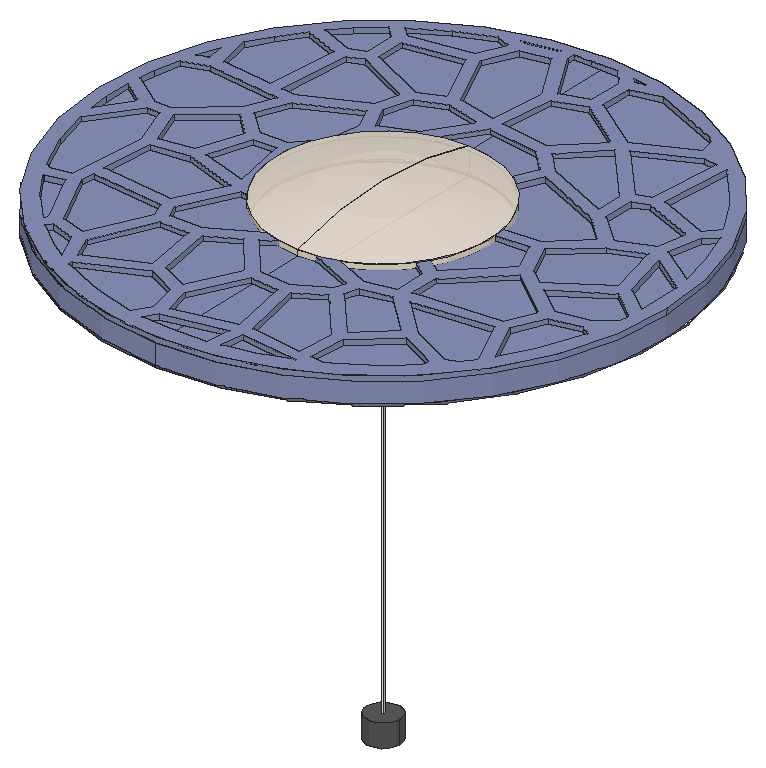
Revit family "Haworth_BuzziMoon_Light", category Lighting Fixtures, host Face, Revit 2018 (continued)
Definition of nested family "Haworth_BuzziMoon_Pendant_Medium_PART"
  Automatic sketch dimensions
    plane 10 "Cable Back" to Extrusion 3 sketch curve = 2.15778"
    Extrusion 3 sketch curve to Extrusion 3 sketch curve = 0.47775"
    Extrusion 3 sketch curve to plane 8 "Inside Back" = 1.86474"
    Extrusion 3 sketch curve to Extrusion 3 sketch curve = 0.60864"
    plane 1 "Center (Front/Back)" to Extrusion 3 sketch curve = 2.72109"
    Extrusion 3 sketch curve to Extrusion 3 sketch curve = 0.9983"
    Extrusion 3 sketch curve to plane 8 "Inside Back" = 2.72587"
    Extrusion 3 sketch curve to Extrusion 3 sketch curve = 0.47928"
    plane 10 "Cable Back" to Extrusion 3 sketch curve = 2.4782"
    Extrusion 3 sketch curve to Extrusion 3 sketch curve = 0.76837"
    Extrusion 3 sketch curve to plane 1 "Center (Front/Back)" = 0.99369"
    Extrusion 3 sketch curve to Extrusion 3 sketch curve = 1.81272"
    plane 10 "Cable Back" to Extrusion 3 sketch curve = 3.32275"
    Extrusion 3 sketch curve to Extrusion 3 sketch curve = 0.51878"
    Extrusion 3 sketch curve to plane 4 "Front" = 5.19909"
    Extrusion 3 sketch curve to Extrusion 3 sketch curve = 4.39496"
    Extrusion 3 sketch curve to plane 1 "Center (Front/Back)" = 1.63987"
    Extrusion 3 sketch curve to Extrusion 3 sketch curve = 0.74746"
    Extrusion 3 sketch curve to plane 1 "Center (Front/Back)" = 0.66721"
    Extrusion 3 sketch curve to Extrusion 3 sketch curve = 0.92863"
    Extrusion 3 sketch curve to Extrusion 3 sketch curve = 0.79343"
    plane 9 "Inside Front" to Extrusion 3 sketch curve = 0.92295"
    Extrusion 3 sketch curve to Extrusion 3 sketch curve = 1.09097"
    Extrusion 3 sketch curve to plane 9 "Inside Front" = 0.04785"
    Extrusion 3 sketch curve to Extrusion 3 sketch curve = 0.05012"
    plane 9 "Inside Front" to Extrusion 3 sketch curve = 2.14089"
    Extrusion 3 sketch curve to Extrusion 3 sketch curve = 0.51073"
    plane 9 "Inside Front" to Extrusion 3 sketch curve = 0.49314"
    Extrusion 3 sketch curve to Extrusion 3 sketch curve = 0.87884"
    Extrusion 3 sketch curve to plane 1 "Center (Front/Back)" = 0.82139"
    Extrusion 3 sketch curve to Extrusion 3 sketch curve = 1.87171"
    Extrusion 3 sketch curve to plane 1 "Center (Front/Back)" = 1.82296"
    Extrusion 3 sketch curve to Extrusion 3 sketch curve = 0.16987"
    plane 9 "Inside Front" to Extrusion 3 sketch curve = 2.65677"
    Extrusion 3 sketch curve to Extrusion 3 sketch curve = 0.8467"
    plane 9 "Inside Front" to Extrusion 3 sketch curve = 1.67252"
    Extrusion 3 sketch curve to Extrusion 3 sketch curve = 0.85993"
    Extrusion 3 sketch curve to plane 9 "Inside Front" = 3.89335"
    Extrusion 3 sketch curve to Extrusion 3 sketch curve = 1.9714"
    plane 1 "Center (Front/Back)" to Extrusion 3 sketch curve = 3.9552"
    Extrusion 3 sketch curve to Extrusion 3 sketch curve = 0.06407"
    Extrusion 3 sketch curve to plane 1 "Center (Front/Back)" = 2.94458"
    Extrusion 3 sketch curve to Extrusion 3 sketch curve = 1.05143"
    plane 8 "Inside Back" to Extrusion 3 sketch curve = 0.48498"
    Extrusion 3 sketch curve to Extrusion 3 sketch curve = 4.77837"
    Extrusion 3 sketch curve to plane 8 "Inside Back" = 0.5179"
    Extrusion 3 sketch curve to Extrusion 3 sketch curve = 0.19104"
    Extrusion 3 sketch curve to plane 4 "Front" = 2.7306"
    Extrusion 3 sketch curve to Extrusion 3 sketch curve = 3.14261"
    Extrusion 3 sketch curve to plane 9 "Inside Front" = 3.66707"
    Extrusion 3 sketch curve to Extrusion 3 sketch curve = 0.99005"
    plane 10 "Cable Back" to Extrusion 3 sketch curve = 0.27749"
    Extrusion 3 sketch curve to Extrusion 3 sketch curve = 0.60019"
    Extrusion 3 sketch curve to Extrusion 3 sketch curve = 0.89161"
    plane 8 "Inside Back" to Extrusion 3 sketch curve = 0.18659"
    Extrusion 3 sketch curve to Extrusion 3 sketch curve = 0.93819"
    Extrusion 3 sketch curve to plane 9 "Inside Front" = 3.61182"
    Extrusion 3 sketch curve to plane 8 "Inside Back" = 2.39048"
    Extrusion 3 sketch curve to Extrusion 3 sketch curve = 0.35032"
    Extrusion 3 sketch curve to plane 5 "Back" = 2.38708"
    plane 10 "Cable Back" to Extrusion 3 sketch curve = 1.08616"
    Extrusion 3 sketch curve to Extrusion 3 sketch curve = 0.59643"
    Extrusion 3 sketch curve to Extrusion 3 sketch curve = 2.36905"
    Extrusion 3 sketch curve to Extrusion 3 sketch curve = 0.2811"
    Extrusion 3 sketch curve to plane 4 "Front" = 2.21326"
    Extrusion 3 sketch curve to Extrusion 3 sketch curve = 1.22334"
    plane 10 "Cable Back" to Extrusion 3 sketch curve = 0.18827"
    Extrusion 3 sketch curve to Extrusion 3 sketch curve = 0.40322"
    Extrusion 3 sketch curve to plane 8 "Inside Back" = 1.69158"
    Extrusion 3 sketch curve to Extrusion 3 sketch curve = 0.74996"
    Extrusion 3 sketch curve to Extrusion 3 sketch curve = 0.43991"
    Extrusion 3 sketch curve to plane 5 "Back" = 2.03631"
    Extrusion 3 sketch curve to Extrusion 3 sketch curve = 0.9223"
    plane 9 "Inside Front" to Extrusion 3 sketch curve = 2.41528"
    Extrusion 3 sketch curve to Extrusion 3 sketch curve = 0.95751"
    Extrusion 3 sketch curve to plane 4 "Front" = 2.67252"
    Extrusion 3 sketch curve to Extrusion 3 sketch curve = 0.54966"
    Extrusion 3 sketch curve to Extrusion 3 sketch curve = 0.43971"
    plane 10 "Cable Back" to Extrusion 3 sketch curve = 1.93362"
    Extrusion 3 sketch curve to Extrusion 3 sketch curve = 1.91858"
    plane 10 "Cable Back" to Extrusion 3 sketch curve = 1.1726"
    Extrusion 3 sketch curve to Extrusion 3 sketch curve = 0.71307"
    Extrusion 3 sketch curve to Extrusion 3 sketch curve = 0.28604"
    plane 9 "Inside Front" to Extrusion 3 sketch curve = 1.01748"
    Extrusion 3 sketch curve to Extrusion 3 sketch curve = 2.34744"
    Extrusion 3 sketch curve to plane 8 "Inside Back" = 0.56298"
    Extrusion 3 sketch curve to Extrusion 3 sketch curve = 2.70638"
    Extrusion 3 sketch curve to plane 4 "Front" = 1.52311"
    Extrusion 3 sketch curve to Extrusion 3 sketch curve = 2.53339"
    Extrusion 3 sketch curve to plane 4 "Front" = 1.23965"
    Extrusion 3 sketch curve to plane 9 "Inside Front" = 0.53368"
    Extrusion 3 sketch curve to Extrusion 3 sketch curve = 0.68121"
    Extrusion 3 sketch curve to Extrusion 3 sketch curve = 0.19689"
    plane 9 "Inside Front" to Extrusion 3 sketch curve = 0.50848"
    Extrusion 3 sketch curve to Extrusion 3 sketch curve = 0.85481"
    Extrusion 3 sketch curve to plane 8 "Inside Back" = 0.30596"
    Extrusion 3 sketch curve to Extrusion 3 sketch curve = 1.35456"
    Extrusion 3 sketch curve to Extrusion 3 sketch curve = 0.94454"
    Extrusion 3 sketch curve to Extrusion 3 sketch curve = 0.16216"
    Extrusion 3 sketch curve to plane 9 "Inside Front" = 0.16884"
    Extrusion 3 sketch curve to plane 5 "Back" = 1.03752"
    plane 10 "Cable Back" to Extrusion 3 sketch curve = 0.56131"
    Extrusion 3 sketch curve to plane 3 "Center (Left/Right)" = 1.40553"
    Extrusion 3 sketch curve to Extrusion 3 sketch curve = 0.38731"
    Extrusion 3 sketch curve to plane 3 "Center (Left/Right)" = 0.98041"
    Extrusion 3 sketch curve to plane 3 "Center (Left/Right)" = 0.5075"
    Extrusion 3 sketch curve to plane 3 "Center (Left/Right)" = 0.3492"
    Extrusion 3 sketch curve to plane 3 "Center (Left/Right)" = 0.29747"
    Extrusion 3 sketch curve to plane 3 "Center (Left/Right)" = 0.15247"
    Extrusion 3 sketch curve to plane 3 "Center (Left/Right)" = 0.10366"
    Extrusion 3 sketch curve to plane 3 "Center (Left/Right)" = 0.04603"
    plane 3 "Center (Left/Right)" to Extrusion 3 sketch curve = 0.22006"
    plane 3 "Center (Left/Right)" to Extrusion 3 sketch curve = 0.45398"
    Extrusion 3 sketch curve to plane 9 "Inside Front" = 0.10747"
    plane 3 "Center (Left/Right)" to Extrusion 3 sketch curve = 1.36439"
    plane 3 "Center (Left/Right)" to Extrusion 3 sketch curve = 2.22362"
    Extrusion 3 sketch curve to plane 5 "Back" = 1.13437"
    Extrusion 3 sketch curve to Extrusion 3 sketch curve = 2.1454"
    Extrusion 3 sketch curve to Extrusion 3 sketch curve = 0.27982"
    Extrusion 3 sketch curve to Extrusion 3 sketch curve = 0.54219"
    Extrusion 3 sketch curve to plane 9 "Inside Front" = 0.52206"
    Extrusion 3 sketch curve to plane 4 "Front" = 1.24613"
    plane 3 "Center (Left/Right)" to Extrusion 3 sketch curve = 3.11869"
    Extrusion 3 sketch curve to Extrusion 3 sketch curve = 0.95714"
    Extrusion 3 sketch curve to plane 5 "Back" = 1.36237"
    Extrusion 3 sketch curve to Extrusion 3 sketch curve = 0.83431"
    Extrusion 3 sketch curve to plane 10 "Cable Back" = 0.17369"
    plane 3 "Center (Left/Right)" to Extrusion 3 sketch curve = 3.92983"
    plane 10 "Cable Back" to Extrusion 3 sketch curve = 0.81097"
    Extrusion 3 sketch curve to Extrusion 3 sketch curve = 0.05922"
    Extrusion 3 sketch curve to plane 4 "Front" = 1.43575"
    Extrusion 3 sketch curve to Extrusion 3 sketch curve = 0.96582"
    Extrusion 3 sketch curve to plane 8 "Inside Back" = 1.42664"
    Extrusion 3 sketch curve to Extrusion 3 sketch curve = 0.88838"
    plane 10 "Cable Back" to Extrusion 3 sketch curve = 0.28343"
    Extrusion 3 sketch curve to Extrusion 3 sketch curve = 0.86714"
    plane 9 "Inside Front" to Extrusion 3 sketch curve = 2.42456"
    Extrusion 3 sketch curve to Extrusion 3 sketch curve = 2.41791"
    Extrusion 3 sketch curve to Extrusion 3 sketch curve = 0.30593"
    plane 9 "Inside Front" to Extrusion 3 sketch curve = 1.4583"
    Extrusion 3 sketch curve to Extrusion 3 sketch curve = 0.39853"
    plane 8 "Inside Back" to Extrusion 3 sketch curve = 0.32809"
    Extrusion 3 sketch curve to Extrusion 3 sketch curve = 0.79613"
    Extrusion 3 sketch curve to plane 8 "Inside Back" = 2.02056"
    plane 9 "Inside Front" to Extrusion 3 sketch curve = 2.6602"
    Extrusion 3 sketch curve to Extrusion 3 sketch curve = 0.66156"
    plane 9 "Inside Front" to Extrusion 3 sketch curve = 0.66814"
    Extrusion 3 sketch curve to Extrusion 3 sketch curve = 0.67805"
    plane 9 "Inside Front" to Extrusion 3 sketch curve = 1.60018"
    Extrusion 3 sketch curve to Extrusion 3 sketch curve = 0.32811"
    Extrusion 3 sketch curve to plane 8 "Inside Back" = 0.20373"
    Extrusion 3 sketch curve to Extrusion 3 sketch curve = 0.83953"
    plane 8 "Inside Back" to Extrusion 3 sketch curve = 0.84614"
    Extrusion 3 sketch curve to Extrusion 3 sketch curve = 0.86765"
    Extrusion 3 sketch curve to plane 9 "Inside Front" = 3.44449"
    Extrusion 3 sketch curve to Extrusion 3 sketch curve = 1.01215"
    Extrusion 3 sketch curve to Extrusion 3 sketch curve = 2.20238"
    Extrusion 3 sketch curve to plane 9 "Inside Front" = 4.25572"
    plane 10 "Cable Back" to Extrusion 3 sketch curve = 3.19338"
    Extrusion 3 sketch curve to Extrusion 3 sketch curve = 0.75407"
    Extrusion 3 sketch curve to Extrusion 3 sketch curve = 0.81404"
    plane 9 "Inside Front" to Extrusion 3 sketch curve = 0.06962"
    Extrusion 3 sketch curve to Extrusion 3 sketch curve = 2.34242"
    plane 10 "Cable Back" to Extrusion 3 sketch curve = 3.75098"
    Extrusion 3 sketch curve to Extrusion 3 sketch curve = 0.82137"
    plane 9 "Inside Front" to Extrusion 3 sketch curve = 0.99696"
    Extrusion 3 sketch curve to Extrusion 3 sketch curve = 0.34646"
    Extrusion 3 sketch curve to plane 1 "Center (Front/Back)" = 1.59228"
    Extrusion 3 sketch curve to Extrusion 3 sketch curve = 3.08447"
    Extrusion 3 sketch curve to plane 4 "Front" = 3.14535"
    Extrusion 3 sketch curve to plane 4 "Front" = 3.38854"
    Extrusion 3 sketch curve to Extrusion 3 sketch curve = 0.02171"
    Extrusion 3 sketch curve to plane 9 "Inside Front" = 3.45521"
    Extrusion 3 sketch curve to Extrusion 3 sketch curve = 0.43446"
    Extrusion 3 sketch curve to plane 1 "Center (Front/Back)" = 0.61482"
    Extrusion 3 sketch curve to plane 5 "Back" = 3.42788"
    Extrusion 3 sketch curve to plane 4 "Front" = 4.25362"
    Extrusion 3 sketch curve to Extrusion 3 sketch curve = 0.55151"
    Extrusion 3 sketch curve to Extrusion 3 sketch curve = 0.98425"
    plane 9 "Inside Front" to Extrusion 3 sketch curve = 0.81791"
    Extrusion 3 sketch curve to Extrusion 3 sketch curve = 0.58886"
    Extrusion 3 sketch curve to plane 5 "Back" = 4.0354"
    Extrusion 3 sketch curve to Extrusion 3 sketch curve = 0.99504"
    Extrusion 3 sketch curve to plane 1 "Center (Front/Back)" = 0.83495"
    Extrusion 3 sketch curve to Extrusion 3 sketch curve = 2.67236"
    Extrusion 3 sketch curve to plane 1 "Center (Front/Back)" = 1.83061"
    Extrusion 3 sketch curve to Extrusion 3 sketch curve = 0.09799"
    Extrusion 3 sketch curve to plane 8 "Inside Back" = 1.34116"
    Extrusion 3 sketch curve to Extrusion 3 sketch curve = 5.45456"
    Extrusion 3 sketch curve to Extrusion 3 sketch curve = 2.65806"
    Extrusion 3 sketch curve to plane 8 "Inside Back" = 2.4937"
    Extrusion 3 sketch curve to Extrusion 3 sketch curve = 0.22661"
    Extrusion 3 sketch curve to plane 1 "Center (Front/Back)" = 1.22844"
    Extrusion 3 sketch curve to Extrusion 3 sketch curve = 0.90247"
    Extrusion 3 sketch curve to plane 10 "Cable Back" = 0.63059"
    Extrusion 3 sketch curve to Extrusion 3 sketch curve = 0.62645"
    plane 1 "Center (Front/Back)" to Extrusion 3 sketch curve = 1.64712"
    Extrusion 3 sketch curve to Extrusion 3 sketch curve = 1.15257"
    Extrusion 3 sketch curve to Extrusion 3 sketch curve = 0.3578"
    Extrusion 3 sketch curve to Extrusion 3 sketch curve = 1.00322"
    plane 1 "Center (Front/Back)" to Extrusion 3 sketch curve = 2.4064"
    Extrusion 3 sketch curve to Extrusion 3 sketch curve = 0.63068"
    Extrusion 3 sketch curve to Extrusion 3 sketch curve = 0.56828"
    Extrusion 3 sketch curve to plane 10 "Cable Back" = 0.17406"
    Extrusion 3 sketch curve to Extrusion 3 sketch curve = 1.09476"
    plane 1 "Center (Front/Back)" to Extrusion 3 sketch curve = 1.44079"
    Extrusion 3 sketch curve to Extrusion 3 sketch curve = 0.98938"
    plane 10 "Cable Back" to Extrusion 3 sketch curve = 1.53056"
    Extrusion 3 sketch curve to plane 10 "Cable Back" = 1.04199"
    Extrusion 3 sketch curve to Extrusion 3 sketch curve = 0.47593"
    Extrusion 3 sketch curve to Extrusion 3 sketch curve = 2.26832"
    Extrusion 3 sketch curve to plane 10 "Cable Back" = 0.18077"
    Extrusion 3 sketch curve to Extrusion 3 sketch curve = 0.98757"
    plane 10 "Cable Back" to Extrusion 3 sketch curve = 0.48012"
    Extrusion 3 sketch curve to Extrusion 3 sketch curve = 0.05899"
    Extrusion 3 sketch curve to Extrusion 3 sketch curve = 1.28724"
    Extrusion 3 sketch curve to Extrusion 3 sketch curve = 0.83626"
    Extrusion 3 sketch curve to plane 10 "Cable Back" = 0.45387"
    Extrusion 3 sketch curve to Extrusion 3 sketch curve = 0.16599"
    Extrusion 3 sketch curve to Extrusion 3 sketch curve = 0.82594"
    plane 8 "Inside Back" to Extrusion 3 sketch curve = 0.43628"
    Extrusion 3 sketch curve to Extrusion 3 sketch curve = 0.85877"
    Extrusion 3 sketch curve to plane 9 "Inside Front" = 0.94288"
    Extrusion 3 sketch curve to plane 6 "Left" = 3.35073"
    plane 9 "Inside Front" to Extrusion 3 sketch curve = 0.04391"
    Extrusion 3 sketch curve to Extrusion 3 sketch curve = 0.03763"
    plane 9 "Inside Front" to Extrusion 3 sketch curve = 0.11647"
    Extrusion 3 sketch curve to Extrusion 3 sketch curve = 0.03368"
    Extrusion 3 sketch curve to plane 6 "Left" = 2.28297"
    Extrusion 3 sketch curve to plane 6 "Left" = 1.94637"
    Extrusion 3 sketch curve to Extrusion 3 sketch curve = 0.28827"
    Extrusion 3 sketch curve to Extrusion 3 sketch curve = 0.66365"
    Extrusion 3 sketch curve to plane 6 "Left" = 1.01981"
    Extrusion 3 sketch curve to plane 1 "Center (Front/Back)" = 0.04813"
    Extrusion 3 sketch curve to plane 6 "Left" = 0.98424"
    Extrusion 3 sketch curve to Extrusion 3 sketch curve = 0.71257"
    Extrusion 3 sketch curve to Extrusion 3 sketch curve = 0.99149"
    Extrusion 3 sketch curve to Extrusion 3 sketch curve = 0.82999"
    Extrusion 3 sketch curve to Extrusion 3 sketch curve = 0.88132"
    Extrusion 3 sketch curve to Extrusion 3 sketch curve = 2.53462"
    Extrusion 3 sketch curve to Extrusion 3 sketch curve = 0.14868"
    Extrusion 3 sketch curve to Extrusion 3 sketch curve = 0.23442"
    Extrusion 3 sketch curve to Extrusion 3 sketch curve = 0.44738"
    Extrusion 3 sketch curve to Extrusion 3 sketch curve = 0.1342"
    Extrusion 3 sketch curve to Extrusion 3 sketch curve = 0.73396"
    Extrusion 3 sketch curve to Extrusion 3 sketch curve = 0.542"
    Extrusion 3 sketch curve to Extrusion 3 sketch curve = 0.26254"
    Extrusion 3 sketch curve to Extrusion 3 sketch curve = 0.7389"
    Extrusion 3 sketch curve to plane 9 "Inside Front" = 0.10282"
    Extrusion 3 sketch curve to Extrusion 3 sketch curve = 0.89289"
    Extrusion 3 sketch curve to Extrusion 3 sketch curve = 0.05541"
    Extrusion 3 sketch curve to Extrusion 3 sketch curve = 2.35343"
    Extrusion 3 sketch curve to Extrusion 3 sketch curve = 0.73132"
    Extrusion 3 sketch curve to Extrusion 3 sketch curve = 2.65857"
    Extrusion 3 sketch curve to Extrusion 3 sketch curve = 0.36322"
    Extrusion 3 sketch curve to Extrusion 3 sketch curve = 0.94258"
    Extrusion 3 sketch curve to Extrusion 3 sketch curve = 0.65793"
    Extrusion 3 sketch curve to Extrusion 3 sketch curve = 0.97757"
    Extrusion 3 sketch curve to Extrusion 3 sketch curve = 0.63457"
    Extrusion 3 sketch curve to Extrusion 3 sketch curve = 1.75855"
    Extrusion 3 sketch curve to Extrusion 3 sketch curve = 0.78432"
    Extrusion 3 sketch curve to Extrusion 3 sketch curve = 0.17521"
    Extrusion 3 sketch curve to Extrusion 3 sketch curve = 1.09311"
    Extrusion 3 sketch curve to Extrusion 3 sketch curve = 0.42688"
    Extrusion 3 sketch curve to Extrusion 3 sketch curve = 0.99718"
    Extrusion 3 sketch curve to Extrusion 3 sketch curve = 0.64162"
    plane 8 "Inside Back" to Extrusion 3 sketch curve = 0.70222"
    plane 8 "Inside Back" to Extrusion 3 sketch curve = 0.84287"
    plane 10 "Cable Back" to Extrusion 3 sketch curve = 0.37122"
    Extrusion 3 sketch curve to Extrusion 3 sketch curve = 0.95359"
    Extrusion 3 sketch curve to Extrusion 3 sketch curve = 0.16223"
    Extrusion 3 sketch curve to Extrusion 3 sketch curve = 0.94627"
    Extrusion 3 sketch curve to Extrusion 3 sketch curve = 0.63883"
    Extrusion 3 sketch curve to Extrusion 3 sketch curve = 0.64117"
    Extrusion 3 sketch curve to Extrusion 3 sketch curve = 1.83258"
    Extrusion 3 sketch curve to Extrusion 3 sketch curve = 0.25713"
    Extrusion 3 sketch curve to Extrusion 3 sketch curve = 0.85572"
    Extrusion 3 sketch curve to Extrusion 3 sketch curve = 0.95988"
    plane 1 "Center (Front/Back)" to Extrusion 3 sketch curve = 1.21223"
    Extrusion 3 sketch curve to Extrusion 3 sketch curve = 1.03782"
    Extrusion 3 sketch curve to plane 9 "Inside Front" = 0.30641"
    Extrusion 3 sketch curve to Extrusion 3 sketch curve = 0.32904"
    Extrusion 3 sketch curve to Extrusion 3 sketch curve = 0.24106"
    Extrusion 3 sketch curve to Extrusion 3 sketch curve = 0.04105"
    Extrusion 4 sketch curve to Extrusion 4 sketch curve = 0.000"  (x9)
    Extrusion 4 sketch curve to plane 6 "Left" = 19.70289"
    Extrusion 4 sketch curve to Extrusion 4 sketch curve = 0.01789"
    Extrusion 4 sketch curve to plane 4 "Front" = 19.68632"
    Extrusion 5 sketch curve to Extrusion 5 sketch curve = 0.000"  (x38)
    Extrusion 5 sketch curve to plane 8 "Inside Back" = 1.05274"
    Extrusion 5 sketch curve to plane 7 "Right" = 1.62197"
    Extrusion 5 sketch curve to Extrusion 5 sketch curve = 0.19917"
    plane 9 "Inside Front" to Extrusion 5 sketch curve = 1.89205"
    Extrusion 5 sketch curve to Extrusion 5 sketch curve = 1.37439"
    Extrusion 5 sketch curve to Extrusion 5 sketch curve = 0.20294"
    Extrusion 5 sketch curve to Extrusion 5 sketch curve = 1.35686"
    Extrusion 5 sketch curve to Extrusion 5 sketch curve = 0.21065"
    Extrusion 5 sketch curve to Extrusion 5 sketch curve = 1.40881"
    Extrusion 5 sketch curve to Extrusion 5 sketch curve = 0.23428"
    Extrusion 5 sketch curve to Extrusion 5 sketch curve = 1.2733"
    Extrusion 5 sketch curve to Extrusion 5 sketch curve = 0.30264"
    Extrusion 5 sketch curve to Extrusion 5 sketch curve = 1.24615"  (x24)
    Extrusion 5 sketch curve to Extrusion 5 sketch curve = 0.32793"  (x30)
    plane 1 "Center (Front/Back)" to Extrusion 5 sketch curve = 1.70462"
    Extrusion 5 sketch curve to plane 3 "Center (Left/Right)" = 8.67976"
    Extrusion 5 sketch curve to plane 1 "Center (Front/Back)" = 1.78281"
    Extrusion 5 sketch curve to plane 4 "Front" = 0.79154"
    Extrusion 5 sketch curve to plane 5 "Back" = 0.41001"
    Extrusion 5 sketch curve to plane 4 "Front" = 0.14405"
    Extrusion 5 sketch curve to plane 8 "Inside Back" = 0.35215"
    Extrusion 5 sketch curve to plane 5 "Back" = 0.11685"
    Extrusion 5 sketch curve to plane 5 "Back" = 0.04264"
    Extrusion 5 sketch curve to Extrusion 5 sketch curve = 0.91822"
    Extrusion 5 sketch curve to plane 4 "Front" = 0.01637"
    Extrusion 5 sketch curve to plane 3 "Center (Left/Right)" = 0.80933"
    Extrusion 5 sketch curve to plane 5 "Back" = 0.02659"
    Extrusion 5 sketch curve to plane 3 "Center (Left/Right)" = 0.51997"
    Extrusion 5 sketch curve to plane 9 "Inside Front" = 0.01032"
    plane 1 "Center (Front/Back)" to Extrusion 5 sketch curve = 0.00798"
    Extrusion 5 sketch curve to plane 3 "Center (Left/Right)" = 0.04567"
    Extrusion 5 sketch curve to plane 3 "Center (Left/Right)" = 0.02655"
    Extrusion 5 sketch curve to Extrusion 5 sketch curve = 0.00474"  (x2)
    plane 1 "Center (Front/Back)" to Extrusion 5 sketch curve = 0.00049"
    Extrusion 5 sketch curve to Extrusion 5 sketch curve = 0.00203"
    Extrusion 5 sketch curve to Extrusion 5 sketch curve = 0.00285"
    Extrusion 5 sketch curve to Extrusion 5 sketch curve = 0.00114"
    Extrusion 5 sketch curve to Extrusion 5 sketch curve = 0.00219"
    Extrusion 5 sketch curve to Extrusion 5 sketch curve = 0.00123"
    Extrusion 5 sketch curve to Extrusion 5 sketch curve = 0.00117"
    Extrusion 5 sketch curve to Extrusion 5 sketch curve = 0.00099"
    Extrusion 5 sketch curve to Extrusion 5 sketch curve = 0.00071"
    Extrusion 5 sketch curve to Extrusion 5 sketch curve = 0.00064"
    Extrusion 5 sketch curve to Extrusion 5 sketch curve = 0.00089"
    Extrusion 5 sketch curve to Extrusion 5 sketch curve = 0.0008"
    Extrusion 5 sketch curve to Extrusion 5 sketch curve = 0.00081"
    Extrusion 5 sketch curve to Extrusion 5 sketch curve = 0.0006"  (x2)
    Extrusion 5 sketch curve to Extrusion 5 sketch curve = 0.00008"  (x4)
    Extrusion 5 sketch curve to Extrusion 5 sketch curve = 0.00046"
    Extrusion 5 sketch curve to Extrusion 5 sketch curve = 0.00051"
    Extrusion 5 sketch curve to Extrusion 5 sketch curve = 0.00045"
    Extrusion 5 sketch curve to Extrusion 5 sketch curve = 0.00042"  (x2)
    Extrusion 5 sketch curve to Extrusion 5 sketch curve = 0.0022"
    Extrusion 5 sketch curve to Extrusion 5 sketch curve = 0.00034"
    Extrusion 5 sketch curve to Extrusion 5 sketch curve = 0.00029"
    Extrusion 5 sketch curve to Extrusion 5 sketch curve = 0.00017"
    Extrusion 5 sketch curve to Extrusion 5 sketch curve = 0.00004"  (x3)
    Extrusion 5 sketch curve to Extrusion 5 sketch curve = 0.00002"  (x3)
    Extrusion 5 sketch curve to Extrusion 5 sketch curve = 0.00001"  (x2)
    Extrusion 5 sketch curve to Extrusion 5 sketch curve = 0.00026"
    Extrusion 5 sketch curve to Extrusion 5 sketch curve = 0.00005"  (x2)
    Extrusion 5 sketch curve to Extrusion 5 sketch curve = 0.00007"
    Extrusion 5 sketch curve to Extrusion 5 sketch curve = 0.0002"
    Extrusion 5 sketch curve to Extrusion 5 sketch curve = 0.00014"
    Extrusion 5 sketch curve to Extrusion 5 sketch curve = 0.00019"
    Extrusion 5 sketch curve to Extrusion 5 sketch curve = 0.00027"
    Extrusion 5 sketch curve to Extrusion 5 sketch curve = 0.00083"
    Extrusion 5 sketch curve to Extrusion 5 sketch curve = 0.00188"
    Extrusion 5 sketch curve to plane 3 "Center (Left/Right)" = 0.00062"
    plane 3 "Center (Left/Right)" to Extrusion 5 sketch curve = 0.00022"
    plane 3 "Center (Left/Right)" to Extrusion 5 sketch curve = 0.02251"
    plane 3 "Center (Left/Right)" to Extrusion 5 sketch curve = 0.02345"
    Extrusion 5 sketch curve to Extrusion 5 sketch curve = 0.01612"
    plane 3 "Center (Left/Right)" to Extrusion 5 sketch curve = 0.47943"
    Extrusion 5 sketch curve to plane 4 "Front" = 0.01514"
    plane 3 "Center (Left/Right)" to Extrusion 5 sketch curve = 0.76475"  (x2)
    Extrusion 5 sketch curve to plane 5 "Back" = 0.02572"
    Extrusion 5 sketch curve to plane 4 "Front" = 0.03075"
    Extrusion 5 sketch curve to plane 8 "Inside Back" = 0.09261"
    Extrusion 5 sketch curve to plane 4 "Front" = 0.14032"
    Extrusion 5 sketch curve to plane 5 "Back" = 0.15119"
    Extrusion 5 sketch curve to plane 5 "Back" = 0.19341"
    Extrusion 5 sketch curve to plane 4 "Front" = 0.39439"
    Extrusion 5 sketch curve to plane 4 "Front" = 0.78253"
    plane 1 "Center (Front/Back)" to Extrusion 5 sketch curve = 1.96438"
    Extrusion 5 sketch curve to plane 10 "Cable Back" = 0.41126"
    Extrusion 5 sketch curve to plane 8 "Inside Back" = 1.11183"
    Extrusion 5 sketch curve to plane 6 "Left" = 1.60531"
    Extrusion 5 sketch curve to Extrusion 5 sketch curve = 0.01065"
    Extrusion 5 sketch curve to Extrusion 5 sketch curve = 0.03711"
    Extrusion 5 sketch curve to Extrusion 5 sketch curve = 0.04217"
    Extrusion 5 sketch curve to Extrusion 5 sketch curve = 0.19232"
    Extrusion 5 sketch curve to Extrusion 5 sketch curve = 0.06432"
    Extrusion 5 sketch curve to Extrusion 5 sketch curve = 0.06958"
    Extrusion 5 sketch curve to Extrusion 5 sketch curve = 0.09286"
    Extrusion 5 sketch curve to Extrusion 5 sketch curve = 0.09846"
    Extrusion 5 sketch curve to Extrusion 5 sketch curve = 0.41012"
    Extrusion 5 sketch curve to Extrusion 5 sketch curve = 0.43227"
    Extrusion 5 sketch curve to Extrusion 5 sketch curve = 0.1235"
    Extrusion 5 sketch curve to Extrusion 5 sketch curve = 0.12961"
    Extrusion 5 sketch curve to Extrusion 5 sketch curve = 0.53201"
    Extrusion 5 sketch curve to Extrusion 5 sketch curve = 0.55653"
    Extrusion 5 sketch curve to Extrusion 5 sketch curve = 0.15726"
    Extrusion 5 sketch curve to Extrusion 5 sketch curve = 0.16412"
    Extrusion 5 sketch curve to Extrusion 5 sketch curve = 0.66826"
    Extrusion 5 sketch curve to Extrusion 5 sketch curve = 0.69644"
    Extrusion 5 sketch curve to Extrusion 5 sketch curve = 0.19554"
    Extrusion 5 sketch curve to Extrusion 5 sketch curve = 0.20365"  (x2)
    Extrusion 5 sketch curve to Extrusion 5 sketch curve = 0.82554"
    Extrusion 5 sketch curve to Extrusion 5 sketch curve = 0.8599"
    Extrusion 5 sketch curve to Extrusion 5 sketch curve = 0.22187"
    Extrusion 5 sketch curve to Extrusion 5 sketch curve = 0.25084"
    Extrusion 5 sketch curve to Extrusion 5 sketch curve = 0.2259"
    Extrusion 5 sketch curve to Extrusion 5 sketch curve = 1.06045"
    Extrusion 5 sketch curve to Extrusion 5 sketch curve = 0.31052"
    Extrusion 5 sketch curve to Extrusion 5 sketch curve = 1.44356"
    Extrusion 5 sketch curve to Extrusion 5 sketch curve = 0.2191"
    Extrusion 5 sketch curve to Extrusion 5 sketch curve = 1.32438"
    Extrusion 5 sketch curve to Extrusion 5 sketch curve = 0.39271"
    Extrusion 5 sketch curve to Extrusion 5 sketch curve = 0.29571"
    Extrusion 5 sketch curve to Extrusion 5 sketch curve = 1.71305"
    Extrusion 5 sketch curve to Extrusion 5 sketch curve = 0.5238"
    Extrusion 5 sketch curve to plane 9 "Inside Front" = 0.02761"
    Extrusion 5 sketch curve to Extrusion 5 sketch curve = 0.02062"
    Extrusion 5 sketch curve to plane 9 "Inside Front" = 0.07474"
    Extrusion 5 sketch curve to Extrusion 5 sketch curve = 0.22312"
    Extrusion 5 sketch curve to Extrusion 5 sketch curve = 0.24707"
    Extrusion 5 sketch curve to plane 9 "Inside Front" = 0.33428"
    Extrusion 5 sketch curve to Extrusion 5 sketch curve = 0.09677"
    Extrusion 5 sketch curve to Extrusion 5 sketch curve = 0.4123"
    Extrusion 5 sketch curve to Extrusion 5 sketch curve = 0.15577"
    Extrusion 5 sketch curve to Extrusion 5 sketch curve = 0.17038"  (x2)
    Extrusion 5 sketch curve to Extrusion 5 sketch curve = 0.8148"  (x2)
    Extrusion 5 sketch curve to Extrusion 5 sketch curve = 0.25055"  (x2)
    Extrusion 5 sketch curve to Extrusion 5 sketch curve = 0.27251"  (x2)
    Extrusion 5 sketch curve to Extrusion 5 sketch curve = 0.41593"  (x2)
    Extrusion 5 sketch curve to Extrusion 5 sketch curve = 0.44565"
    Extrusion 5 sketch curve to Extrusion 5 sketch curve = 0.01906"
    Extrusion 5 sketch curve to Extrusion 5 sketch curve = 0.00974"
    Extrusion 5 sketch curve to Extrusion 5 sketch curve = 0.00179"
    Extrusion 5 sketch curve to Extrusion 5 sketch curve = 0.00145"
    Extrusion 5 sketch curve to Extrusion 5 sketch curve = 0.00109"
    Extrusion 5 sketch curve to Extrusion 5 sketch curve = 0.00078"
    Extrusion 5 sketch curve to Extrusion 5 sketch curve = 0.00052"
    Extrusion 5 sketch curve to Extrusion 5 sketch curve = 0.0004"
    Extrusion 5 sketch curve to Extrusion 5 sketch curve = 0.00025"
    Extrusion 5 sketch curve to Extrusion 5 sketch curve = 0.00157"
    Extrusion 5 sketch curve to Extrusion 5 sketch curve = 0.00006"  (x2)
    Extrusion 5 sketch curve to Extrusion 5 sketch curve = 0.00011"
    Extrusion 5 sketch curve to Extrusion 5 sketch curve = 0.00012"
    Extrusion 5 sketch curve to Extrusion 5 sketch curve = 0.00033"
    Extrusion 5 sketch curve to Extrusion 5 sketch curve = 0.00013"  (x2)
    Extrusion 5 sketch curve to Extrusion 5 sketch curve = 0.00003"
    Extrusion 5 sketch curve to plane 1 "Center (Front/Back)" = 1.9435"
    Extrusion 5 sketch curve to Extrusion 5 sketch curve = 1.11699"
    Extrusion 5 sketch curve to Extrusion 5 sketch curve = 0.44865"
    Extrusion 5 sketch curve to Extrusion 5 sketch curve = 0.49204"
    Extrusion 5 sketch curve to plane 8 "Inside Back" = 0.26711"
    Extrusion 5 sketch curve to plane 8 "Inside Back" = 0.06201"
    Extrusion 5 sketch curve to plane 10 "Cable Back" = 0.04112"
    Extrusion 5 sketch curve to Extrusion 5 sketch curve = 0.39265"
    Extrusion 5 sketch curve to Extrusion 5 sketch curve = 0.24044"
    Extrusion 5 sketch curve to Extrusion 5 sketch curve = 0.31048"
    Extrusion 5 sketch curve to Extrusion 5 sketch curve = 0.21112"
    Extrusion 5 sketch curve to Extrusion 5 sketch curve = 0.25083"
    Extrusion 5 sketch curve to Extrusion 5 sketch curve = 0.22181"
    Extrusion 5 sketch curve to Extrusion 5 sketch curve = 0.1954"
    Extrusion 5 sketch curve to Extrusion 5 sketch curve = 0.16413"
    Extrusion 5 sketch curve to Extrusion 5 sketch curve = 0.15706"
    Extrusion 5 sketch curve to Extrusion 5 sketch curve = 0.12963"
    Extrusion 5 sketch curve to Extrusion 5 sketch curve = 0.12333"
    Extrusion 5 sketch curve to Extrusion 5 sketch curve = 0.09849"
    Extrusion 5 sketch curve to Extrusion 5 sketch curve = 0.0642"
    Revolve 6 sketch curve to plane 12 "Screen End" = 0.000"
    Revolve 6 sketch curve to level = 17.28091"
    Revolve 6 sketch curve to plane 11 "Cable End" = 3.900"
    Revolve 6 sketch curve to Revolve 6 sketch curve = 4.69415"
    plane 15 to Revolve 7 sketch curve = 4.100"
    plane 12 "Screen End" to Revolve 7 sketch curve = 4.740"
    Revolve 8 sketch curve to level = 1.250"
    plane 15 to Revolve 8 sketch curve = 2.000"
    radius of Extrusion 3 sketch curve = 19.68504"
    radius of Extrusion 4 sketch curve = 17.12598"
    radius of Extrusion 4 sketch curve = 16.14173"
    radius of Extrusion 4 sketch curve = 13.18898"
    radius of Extrusion 4 sketch curve = 12.20472"
    radius of Extrusion 4 sketch curve = 10.23622"
    radius of Extrusion 4 sketch curve = 8.85827"
    radius of Blend 9 sketch curve = 0.045"  (x2)
    radius of Blend 10 sketch curve = 0.045"  (x2)
    radius of Blend 11 sketch curve = 0.045"  (x2)
Types (4): name | Small | Medium | Large | Description | Actual Width | Actual Depth
  (no name) | no | no | yes | "Haworth BuzziMoon Pendant Light Large" | 47.240" | 47.240"
  HCBZ-MNP3 - Large | no | no | yes | "Haworth BuzziMoon Pendant Light Large" | 47.240" | 47.240"
  HCBZ-MNP2 - Medium | no | yes | no | "Haworth BuzziMoon Pendant Light Medium" | 39.370" | 39.370"
  HCBZ-MNP1 - Small | yes | no | no | "Haworth BuzziMoon Pendant Light Small" | 31.500" | 31.500"
